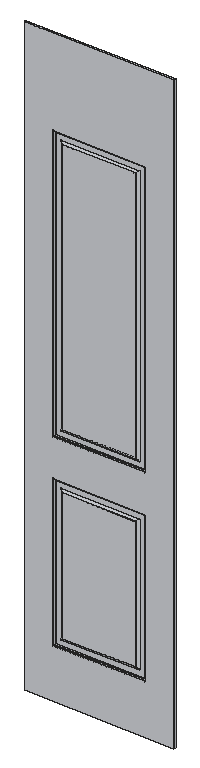
Revit family "easyascot2400", category Generic Models, Revit 2015
Parameters (values of type "Length=2400")
  vis.Rebateddado [instance] = and(Show Dado, Select EasyDado_Rebated)  # no
  vis.Flatdado [instance] = and(Show Dado, Select EasyDado_Flat)  # no
  easyascot_Material = none
  URL = "http://www.easycraft.com.au/products/2/easyascot"
  Show Dado [instance] = no
  Select EasyDado_Rebated [instance] = not(Select EasyDado_Flat)  # yes
  Select EasyDado_Flat [instance] = no
  Model = "easyascot wall panel"  # constant formula
  Manufacturer = "Easycraft Australia Pty Ltd ph 07 3906 7200"  # constant formula
  Length_panel = 2400 mm
  Description = "AFW2400"
  Assembly Code = "AFW2400"
Types (3, lengths in mm): name | Length_panel | Description | Assembly Code
  Length=2400 | 2400 | "AFW2400" | "AFW2400"
  Length=2700 | 2700 | "AFW2700" | "AFW2700"
  Length=3000 | 3000 | "AFW3000" | "AFW3000"
Reference planes
  plane 1 "Center (Front/Back)": y = 0
  plane 2: z = 0
  plane 3 "Center (Left/Right)": x = 0
  plane 4 "Panel_top": z = 2400
Forms (mm)
  Sweep 1, solid, material <- "easyascot_Material"
    path origin (0, 0, 0) x (-1, 0, 0) y (0, 0, 1)
      loop
        line (0, 0) -> (0, 2400)
    profile "_easyascotpanel : _easyascotpanel" origin (0, 0, 1200) x (1, 0, 0) y (0, 1, 0)
      loop
        line (0, 0) -> (0, -7) -> (2, -9) -> (598, -9) -> (600, -7) -> (600, 0) -> (0, 0)
  Sweep 2, void
    path origin (0, 0, 0) x (1, 0, 0) y (0, 0, 1)
      loop
        line (115, 200) -> (485, 200) -> (485, 800) -> (115, 800) -> (115, 200)
    profile "ascot rebate : ascot rebate" origin (300, 0, 200) x (0, 0, 1) y (0, -1, 0)
      loop
        line (0, 10.006) -> (0, 7) -> (3.022, 7) -> (3.022, 5.006) -> (6.023, 5.006) -> (6.023, 3.006) -> (28, 3.006) -> (38, 8.102) -> (38, 10.006) -> (0, 10.006)
  Sweep 3, void
    path origin (0, 0, 750) x (1, 0, 0) y (0, 0, 1)
      loop
        line (115, 200) -> (485, 200) -> (485, 1300) -> (115, 1300) -> (115, 200)
    profile "ascot rebate : ascot rebate" origin (300, 0, 950) x (0, 0, 1) y (0, -1, 0)
      loop
        line (0, 10.006) -> (0, 7) -> (3.022, 7) -> (3.022, 5.006) -> (6.023, 5.006) -> (6.023, 3.006) -> (28, 3.006) -> (38, 8.102) -> (38, 10.006) -> (0, 10.006)
Cuts and joins
  Sweep 2, Sweep 3 cuts Sweep 1
Dimensions and locks
  "Length_panel": plane 4 "Panel_top" to plane 2
  aligned and locked: level to plane 2
  aligned and locked: nested 2 to plane 4 "Panel_top"
  aligned and locked: plane 1 "Center (Front/Back)" to nested 2
  aligned and locked: nested 1 to plane 4 "Panel_top"
Automatic sketch dimensions
  plane 3 "Center (Left/Right)" to Sweep 1 sketch curve = 0 mm
  Sweep 1 sketch curve to level = 0 mm
  Sweep 1 sketch curve to plane 4 "Panel_top" = 0 mm
  plane 3 "Center (Left/Right)" to Sweep 2 sketch curve = 115 mm
  Sweep 2 sketch curve to Sweep 2 sketch curve = 370 mm
  level to Sweep 2 sketch curve = 200 mm
  Sweep 2 sketch curve to Sweep 2 sketch curve = 600 mm
  plane 3 "Center (Left/Right)" to Sweep 3 sketch curve = 115 mm
  Sweep 3 sketch curve to Sweep 3 sketch curve = 370 mm
  level to Sweep 3 sketch curve = 950 mm
  Sweep 3 sketch curve to Sweep 3 sketch curve = 1100 mm
Nested families
  nested 1: "easydado_flat6" at (0, -9, 2400), visible <- "vis.Flatdado", type "Length=0600"
    with Length_dado 600 mm
  nested 2: "easydado_rebated6" at (0, 0, 2400), visible <- "vis.Rebateddado", type "Length=0600"
    with Length_dado 600 mm
Definition of nested family "easydado_flat6"
  Parameters (values of type "Length=1200")
    easydado_flat_Material = none
    URL = "http://www.easycraft.com.au/products/3/easyvj"
    Model = "easydado"  # constant formula
    Manufacturer = "Easycraft Australia Pty Ltd ph 07 3906 7200"  # constant formula
    Length_dado = 1200 mm
    Description = "flat"  # constant formula
  Types (2, lengths in mm): name | Length_dado
    Length=600 | 600
    Length=1200 | 1200
  Reference planes
    plane 1 "Center (Front/Back)": y = 0
    plane 2: z = 0
    plane 3 "Center (Left/Right)": x = 0
    plane 4: x = 1200
  Forms (mm)
    Sweep 1, solid, material <- "easydado_flat_Material"
      path origin (0, 0, 0) x (1, 0, 0) y (0, 1, 0)
        loop
          line (1200, 0) -> (0, 0)
      profile "_dadoflat : Type 1" origin (600, 0, 0) x (0, -1, 0) y (0, 0, 1)
        loop
          arc (11, -21.649) -> (15.972, -19.589) -> (18.032, -14.616) r 7.032
          line (18.032, -14.616) -> (20.5, -14.616) -> (20.5, -9.616)
          arc (20.5, -9.616) -> (28, 0.905) -> (20.5, 11.426) r 11.13
          line (20.5, 11.426) -> (20.5, 14.059)
          arc (20.5, 14.059) -> (13.782, 16.841) -> (11, 23.559) r 9.5
          line (11, 23.559) -> (0, 23.559) -> (0, -29.941)
          arc (0, -29.941) -> (4.5, -34.441) -> (9, -29.941) r 4.5
          line (9, -29.941) -> (9, -27.86) -> (11, -27.86) -> (11, -21.649)
  Dimensions and locks
    "Length_dado": plane 3 "Center (Left/Right)" to plane 4
    aligned and locked: level to plane 2
  Automatic sketch dimensions
    plane 1 "Center (Front/Back)" to Sweep 1 sketch curve = 0 mm
    Sweep 1 sketch curve to plane 3 "Center (Left/Right)" = 0 mm
    Sweep 1 sketch curve to plane 4 = 0 mm
Definition of nested family "easydado_rebated6"
  Parameters (values of type "Length=1200")
    easydado_rebated_Material = none
    URL = "http://www.easycraft.com.au/products/3/easyvj"
    Model = "easydado"  # constant formula
    Manufacturer = "Easycraft Australia Pty Ltd ph 07 3906 7200"  # constant formula
    Length_dado = 1200 mm
    Description = "rebated"  # constant formula
  Types (2, lengths in mm): name | Length_dado
    Length=600 | 600
    Length=1200 | 1200
  Reference planes
    plane 1 "Center (Front/Back)": y = 0
    plane 2: z = 0
    plane 3 "Center (Left/Right)": x = 0
    plane 4: x = 1200
  Forms (mm)
    Sweep 1, solid, material <- "easydado_rebated_Material"
      path origin (0, 0, 0) x (1, 0, 0) y (0, 1, 0)
        loop
          line (1200, 0) -> (0, 0)
      profile "_profile_easydadorebated : _profile_easydadorebated" origin (600, 0, 0) x (0, -1, 0) y (0, 0, 1)
        loop
          arc (20.5, 25.5) -> (13.782, 28.282) -> (11, 35) r 9.5
          line (11, 35) -> (0, 35) -> (0, 0) -> (9, 0) -> (9, -13)
          arc (9, -13) -> (15.364, -10.364) -> (18, -4) r 9
          line (18, -4) -> (20.5, -4) -> (20.5, 1.825)
          arc (20.5, 1.825) -> (28, 12.346) -> (20.5, 22.867) r 11.13
          line (20.5, 22.867) -> (20.5, 25.5)
  Dimensions and locks
    "Length_dado": plane 3 "Center (Left/Right)" to plane 4
    aligned and locked: level to plane 2
  Automatic sketch dimensions
    plane 1 "Center (Front/Back)" to Sweep 1 sketch curve = 0 mm
    Sweep 1 sketch curve to plane 3 "Center (Left/Right)" = 0 mm
    Sweep 1 sketch curve to plane 4 = 0 mm
